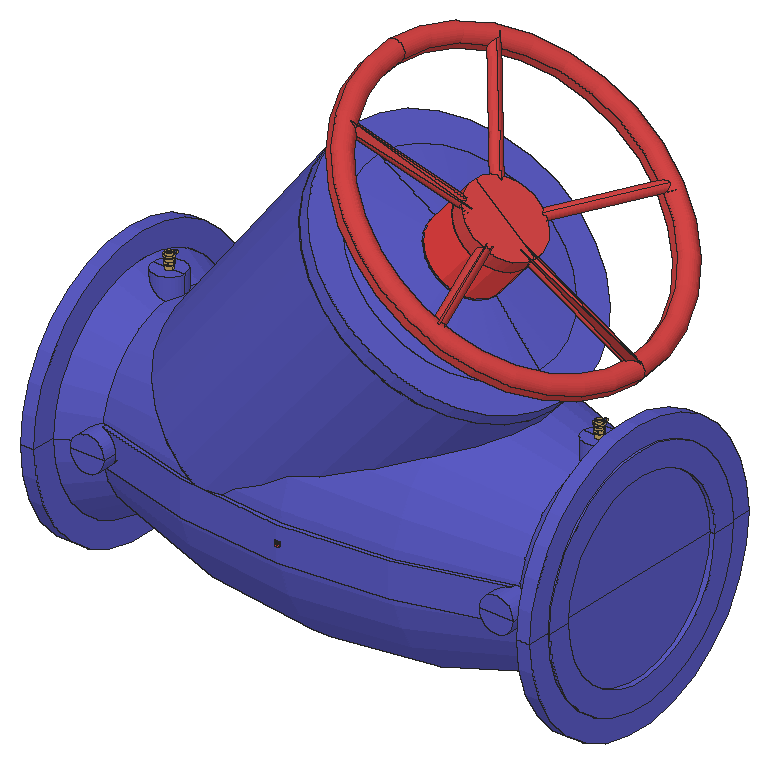
Revit family "HERZ Strömax Балансировочный клапан с измерительными клапанами, шпиндель наклонный 4220 GF PN25", category Rohrzubehör, Revit 2019
Family settings
  Bemaßung runder Anschluss = Durchmesser verwenden
  Teiletyp = Unterbricht
  OmniClass-Nummer = 23.65.55.14
  OmniClass-Titel = Valves for Liquid Services
  Arbeitsebenenbasiert = Nein
  Immer vertikal = Ja
  Beim Laden mit Abzugskörper schneiden = Nein
  Gemeinsam genutzt = Nein
Parameters
  Шпиндель = "нержавеющая сталь"  # constant formula
  Среда = "Допускается использование этилен- и пропиленгликоля в концентрации смеси 25-50% объема.\r\nКачество теплоносителя согласно ÖNORM H 5195 и VDI 2035."
  Область применения = "Для гидравлической балансировки в системах отопления или охлаждения, регулирования и перекрытия трубопроводов, стояков, теплообменников, тепловых и холодильных регистров."
  Номер заказа [instance] = size_lookup("4220_GF_25_", "Artnr", 0, Nennweite)  # 1422089
  Мин. рабочая температура = -10 °C  # constant formula
  Макс. рабочее давление = 2500000.0 Pa  # constant formula
  Макс. рабочая температура = 110 °C  # constant formula
  Корпус = "чугун с шаровидным графитом EN-GJS-400-15"  # constant formula
  Исполнение = "Балансировочный клапан STRÖMAX-GF с измерительными клапанами, DN 350-500, корпус из чугуна с шаровидным графитом GJS 400-15 в соответствии с EN 1561, фланцы в соответствии с EN 1092, PN 16 или PN 25, покрыт синей эмалью.\r\nБукса из чугуна с шаровидным графитом GJS 400-15, с неподнимающимся шпинделем, уплотнение шпинделя с посощью тройных кольцевых уплотнений.\r\nЦифровой лимб указателя настройки."
  Измерение перепада давления = "Балансировочный клапан STRÖMAX GF оборудован двумя измерительными клапанами:\r\nпри использовании соответствующего измерительного прибора можно измерить перепад давления и благодаря этому можно соответственно определить расход."
  Букса = "чугун с шаровидным графитом EN-GJS-400-15"  # constant formula
  Счетное устройство = "пластмасса"  # constant formula
  kvs-значения [instance] = if(Nennweite = 350.00 mm, 2917.6, if(Nennweite = 400.00 mm, 3854.8, if(Nennweite = 500.00 mm, 5250.6, 0)))  # 2917.6
  W02 = 60.00°  # constant formula
  W01 = 50.00°  # constant formula
  Кегель клапана = "чугун с шаровидным графитом EN-GJS-400-15 согласно EN 1561 / EPDM с покрытием"  # constant formula
  S01 [instance] = Nennweite + 10.00 mm  # 360.00 mm
  Регулирующий шпиндель = "нержавеющая сталь"  # constant formula
  O-Ring = "EPDM"  # constant formula
  L04 [instance] = size_lookup("4220_GF_25_", "L4", 1.00 mm, Nennweite)  # 209.00 mm
  H11 = 85.00 mm  # constant formula
  H10 [instance] = H07 + H03  # 569.50 mm
  H08 = 47.00 mm  # constant formula
  H07 = 50.00 mm  # constant formula
  H06 = 27.00 mm  # constant formula
  H05 [instance] = H04 + 25.00 mm  # 495.00 mm
  H04 [instance] = size_lookup("4220_GF_25_", "H4", 1.00 mm, Nennweite)  # 470.00 mm
  H03 [instance] = size_lookup("4220_GF_25_", "H3", 1.00 mm, Nennweite)  # 519.50 mm
  Вес [instance] = if(Nennweite = 350.00 mm, "560.0 kg", if(Nennweite = 400.00 mm, "611.0 kg", if(Nennweite = 500.00 mm, "1109.0 kg", "0")))  # "560.0 kg"
  URL = "www.herz-armaturen.ru"
  SCRNSEQ = "ARM;ARM_TYP=\"STRV\";2"
  SCRNCODE = "05;07;02"  # constant formula
  R02 [instance] = size_lookup("4220_GF_25_", "R2", 1.00 mm, Nennweite)  # 30.00 mm
  R01 [instance] = size_lookup("4220_GF_25_", "R1", 1.00 mm, Nennweite)  # 32.50 mm
  Nennweite [instance] = 350.00 mm
  L03 [instance] = size_lookup("4220_GF_25_", "L3", 1.00 mm, Nennweite)  # 410.00 mm
  L02 [instance] = size_lookup("4220_GF_25_", "L2", 1.00 mm, Nennweite)  # 390.00 mm
  L01 [instance] = size_lookup("4220_GF_25_", "L1", 1.00 mm, Nennweite)  # 397.50 mm
  L00 [instance] = size_lookup("4220_GF_25_", "L", 1.00 mm, Nennweite)  # 980.00 mm
  Hersteller = "HERZ Armaturen Ges.m.b.H."  # constant formula
  H09 [instance] = H03  # 519.50 mm
  H02 [instance] = size_lookup("4220_GF_25_", "H2", 1.00 mm, Nennweite)  # 215.00 mm
  H01 [instance] = size_lookup("4220_GF_25_", "H1", 1.00 mm, Nennweite)  # 220.00 mm
  GT = 10.00 mm  # constant formula
  FLL02 [instance] = size_lookup("4220_GF_25_", "FLL2", 1.00 mm, Nennweite)  # 26.00 mm
  FLL01 [instance] = size_lookup("4220_GF_25_", "FLL1", 1.00 mm, Nennweite)  # 4.00 mm
  FLD03 [instance] = size_lookup("4220_GF_25_", "FLD3", 1.00 mm, Nennweite)  # 177.80 mm
  FLD02 [instance] = size_lookup("4220_GF_25_", "FLD2", 1.00 mm, Nennweite)  # 214.00 mm
  FLD01 [instance] = size_lookup("4220_GF_25_", "FLD1", 1.00 mm, Nennweite)  # 219.00 mm
  FLD00 [instance] = size_lookup("4220_GF_25_", "FLD", 1.00 mm, Nennweite)  # 260.00 mm
  DN500 [instance] = Nennweite = 500.00 mm  # no
  DN400 [instance] = Nennweite = 400.00 mm  # no
  DN350 [instance] = Nennweite = 350.00 mm  # yes
  D05 = 75.00 mm  # constant formula
  D04 [instance] = size_lookup("4220_GF_25_", "D4", 1.00 mm, Nennweite)  # 58.00 mm
  D03 [instance] = size_lookup("4220_GF_25_", "D3", 1.00 mm, Nennweite)  # 240.00 mm
  D02 [instance] = D03 - 20.00 mm  # 220.00 mm
  D01 [instance] = size_lookup("4220_GF_25_", "D1", 1.00 mm, Nennweite)  # 260.00 mm
  D00 [instance] = size_lookup("4220_GF_25_", "D", 1.00 mm, Nennweite)  # 250.00 mm
  BH02 [instance] = -BH01  # -32.50 mm
  BH01 [instance] = size_lookup("4220_GF_25_", "BH1", 1.00 mm, Nennweite)  # 32.50 mm
  Anschluss [instance] = Nennweite / 2  # 175.00 mm
Reference planes
  plane 1 "Mitte (Vorne/hinten)": y = 0
  plane 2: z = 0
  plane 3 "Mitte (Links/rechts)": x = 0
Forms (mm)
  Revolve 1, solid, material "Herz-Marineblau", detail levels fine
    sketch origin (1058.943, 0, 0) x (1, 0, 0) y (0, 1, 0)
      loop
        line (-1544.943, 260) -> (-1544.943, 219) -> (-1548.943, 219) -> (-1548.943, 175) -> (-1538.943, 175) -> (-1538.943, 0) -> (-578.943, 0) -> (-578.943, 175) -> (-568.943, 175) -> (-568.943, 219) -> (-572.943, 219) -> (-572.943, 260) -> (-598.943, 260) -> (-598.943, 214) -> (-661.443, 177.8)
        arc (-661.443, 177.8) -> (-1058.943, 250) -> (-1456.443, 177.8) r 1130.326
        line (-1456.443, 177.8) -> (-1518.943, 214) -> (-1518.943, 260) -> (-1544.943, 260)
      axis (-1548.943, 0) -> (-568.943, 0)
    angle from 0 to 360
  Revolve 2, solid, material "Herz-Marineblau", detail levels fine
    sketch origin (0, 0, 0) x (1, 0, 0) y (0, 1, 0)
      loop
        line (-390, 220) -> (-422.5, 220) -> (-422.5, -220) -> (-390, -220) -> (-390, 220)
      axis (-390, 220) -> (-390, -220)
    angle from 0 to 360
  Revolve 3, solid, material "Herz-Marineblau", detail levels fine
    sketch origin (0, 0, 0) x (-1, 0, 0) y (0, 1, 0)
      loop
        line (-390, 220) -> (-422.5, 220) -> (-422.5, -220) -> (-390, -220) -> (-390, 220)
      axis (-390, 220) -> (-390, -220)
    angle from 0 to 360
  Revolve 4, solid, material "Herz-Marineblau", detail levels fine
    sketch origin (0, 0, 0) x (1, 0, 0) y (0, 0, 1)
      loop
        line (-410, 0) -> (-410, 215) -> (-440, 215) -> (-440, 0) -> (-410, 0)
      axis (-410, 215) -> (-410, 0)
    angle from 0 to 360
  Revolve 5, solid, material "Herz-Marineblau", detail levels fine
    sketch origin (0, 0, 0) x (-1, 0, 0) y (0, 0, 1)
      loop
        line (-410, 0) -> (-410, 215) -> (-440, 215) -> (-440, 0) -> (-410, 0)
      axis (-410, 215) -> (-410, 0)
    angle from 0 to 360
  Extrusion 6, solid, material "Herz-Marineblau", visible <- "DN500", detail levels fine
    sketch origin (0, 0, 0) x (1, 0, 0) y (0, 1, 0)
      loop
        arc (-475, -263.998) -> (0, -282.994) -> (475, -263.998) r 5948.094
        line (475, -263.998) -> (475, 263.998)
        arc (475, 263.998) -> (0, 282.994) -> (-475, 263.998) r 5948.094
        line (-475, 263.998) -> (-475, -263.998)
    from -32.5 <- "BH02" to 32.5 <- "BH01"
  Extrusion 7, solid, material "Herz-Marineblau", visible <- "DN400", detail levels fine
    sketch origin (0, 0, 0) x (1, 0, 0) y (0, 1, 0)
      loop
        arc (-410, -209.712) -> (0, -223.005) -> (410, -209.712) r 6329.849
        line (410, -209.712) -> (410, 209.712)
        arc (410, 209.712) -> (0, 223.005) -> (-410, 209.712) r 6329.849
        line (-410, 209.712) -> (-410, -209.712)
    from -32.5 <- "BH02" to 32.5 <- "BH01"
  Extrusion 8, solid, material "Herz-Marineblau", visible <- "DN350", detail levels fine
    sketch origin (0, 0, 0) x (1, 0, 0) y (0, 1, 0)
      loop
        arc (-390, -185.916) -> (0, -255.071) -> (390, -185.916) r 1134.286
        line (390, -185.916) -> (390, 185.916)
        arc (390, 185.916) -> (0, 255.071) -> (-390, 185.916) r 1134.286
        line (-390, 185.916) -> (-390, -185.916)
    from -32.5 <- "BH02" to 32.5 <- "BH01"
  Revolve 9, solid, material "Herz-Marineblau", detail levels fine
    sketch origin (0, 0, 0) x (1, 0, 0) y (0, 0, 1)
      loop
        line (-209, 0) -> (124.928, 397.96) -> (-74.243, 565.085) -> (-361.033, 192.188) -> (-361.781, 160.181) -> (-209, 0)
      axis (-209, 0) -> (124.928, 397.96)
    angle from 0 to 360
  Revolve 10, solid, material "Herz-Marineblau", detail levels fine
    sketch origin (0, 0, 0) x (1, 0, 0) y (0, 0, 1)
      loop
        line (124.928, 397.96) -> (157.068, 436.262) -> (99.614, 484.471) -> (97.686, 482.173)
        arc (97.686, 482.173) -> (43.802, 517.303) -> (-12.458, 548.486) r 898.044
        line (-12.458, 548.486) -> (-56.888, 585.768) -> (-74.243, 565.085) -> (124.928, 397.96)
      axis (157.068, 436.262) -> (124.928, 397.96)
    angle from 0 to 360
  Revolve 11, solid, material "Kunsstoff rot", detail levels fine
    sketch origin (0, 0, 0) x (1, 0, 0) y (0, 0, 1)
      loop
        line (157.068, 436.262) -> (211.704, 501.376) -> (154.251, 549.585) -> (99.614, 484.471) -> (157.068, 436.262)
      axis (211.704, 501.376) -> (157.068, 436.262)
    angle from 0 to 360
Lines and regions (mm)
  model lines, detail levels coarse+medium
    curve 1: line (-490, 0, 260) -> (-490, 0, -260)
    curve 2: line (-490, 0, -260) -> (490, 0, 260)
    curve 3: line (490, 0, 260) -> (490, 0, -260)
    curve 4: line (490, 0, -260) -> (-490, 0, 260)
    curve 5: line (0, 0, 0) -> (299.933, 0, 519.5)
    curve 6: line (144.049, 0, 609.5) -> (455.818, 0, 429.5)
    curve 7: line (-490, 260, 0) -> (-490, -260, 0)
    curve 8: line (-490, -260, 0) -> (490, 260, 0)
    curve 9: line (490, 260, 0) -> (490, -260, 0)
    curve 10: line (490, -260, 0) -> (-490, 260, 0)
    curve 11: line (0, 0, 0) -> (299.933, 519.5, 0)
    curve 12: line (144.049, 609.5, 0) -> (455.818, 429.5, 0)
Dimensions and locks
  "FLD00": plane 1 "Mitte (Vorne/hinten)" to Revolve 1 sketch curve
  "FLD01": plane 1 "Mitte (Vorne/hinten)" to Revolve 1 sketch curve
  "FLD02": plane 1 "Mitte (Vorne/hinten)" to Revolve 1 sketch curve  (x2)
  "FLD03": plane 1 "Mitte (Vorne/hinten)" to Revolve 1 sketch curve  (x2)
  "GT": Revolve 1 sketch curve to Revolve 1 sketch curve  (x2)
  "FLL01": Revolve 1 sketch curve to Revolve 1 sketch curve  (x2)
  "FLL02": Revolve 1 sketch curve to Revolve 1 sketch curve  (x2)
  equal spacing: Revolve 1 sketch curve, plane 3 "Mitte (Links/rechts)", Revolve 1 sketch curve
  "Anschluss": Revolve 1 sketch curve to plane 1 "Mitte (Vorne/hinten)"
  "Anschluss": plane 1 "Mitte (Vorne/hinten)" to Revolve 1 sketch curve
  "FLD01": Revolve 1 sketch curve to plane 1 "Mitte (Vorne/hinten)"
  "FLD00": Revolve 1 sketch curve to plane 1 "Mitte (Vorne/hinten)"
  "L00": Revolve 1 sketch curve to Revolve 1 sketch curve
  "D00": plane 1 "Mitte (Vorne/hinten)" to Revolve 1 sketch curve
  "L01": Revolve 1 sketch curve to plane 3 "Mitte (Links/rechts)" to Revolve 1 sketch curve
  "L02": Revolve 2 sketch curve to plane 3 "Mitte (Links/rechts)"
  "R01": Revolve 2 sketch curve to Revolve 2 sketch curve
  "H01": Revolve 2 sketch curve to plane 1 "Mitte (Vorne/hinten)" to Revolve 2 sketch curve
  "L02": plane 3 "Mitte (Links/rechts)" to Revolve 3 sketch curve
  "R01": Revolve 3 sketch curve to Revolve 3 sketch curve
  "H01": Revolve 3 sketch curve to plane 1 "Mitte (Vorne/hinten)" to Revolve 3 sketch curve
  "L03": plane 3 "Mitte (Links/rechts)" to Revolve 4 sketch curve
  "R02": Revolve 4 sketch curve to Revolve 4 sketch curve
  "H02": Revolve 4 sketch curve to plane 2
  "R02": Revolve 5 sketch curve to Revolve 5 sketch curve
  "L03": Revolve 5 sketch curve to plane 3 "Mitte (Links/rechts)"
  "H02": Revolve 5 sketch curve to plane 2
  "L03": plane 3 "Mitte (Links/rechts)" to nested 1
  "L03": nested 2 to plane 3 "Mitte (Links/rechts)"
  "H02": nested 1 to plane 2
  "H02": nested 2 to plane 2
  "FLD00": curve 4 to plane 2 to curve 2
  "FLD00": curve 3 to plane 2 to curve 4
  equal spacing: curve 1, plane 3 "Mitte (Links/rechts)", curve 3
  "L00": curve 1 to curve 3
  "H09": curve 5 to plane 2
  equal spacing: curve 1, curve 5, curve 3
  equal spacing: curve 6, curve 5, curve 6
  "S01": curve 6 to curve 6
  "FLD00": curve 8 to plane 1 "Mitte (Vorne/hinten)" to curve 10
  "FLD00": curve 10 to plane 1 "Mitte (Vorne/hinten)" to curve 9
  equal spacing: curve 7, plane 3 "Mitte (Links/rechts)", curve 9
  "L00": curve 7 to curve 9
  equal spacing: curve 7, curve 11, curve 9
  "H09": plane 1 "Mitte (Vorne/hinten)" to curve 11
  equal spacing: curve 12, curve 11, curve 12
  "S01": curve 12 to curve 12
  "L04": plane 3 "Mitte (Links/rechts)" to Revolve 9 sketch curve  (x2)
  "H03": Revolve 9 sketch curve to Revolve 9 sketch curve
  "D02": Revolve 9 sketch curve to Revolve 9 sketch curve
  "H05": Revolve 9 sketch curve to Revolve 9 sketch curve
  "H04": Revolve 9 sketch curve to Revolve 9 sketch curve
  "D03": Revolve 9 sketch curve to Revolve 9 sketch curve
  "H03": Revolve 10 sketch curve to Revolve 10 sketch curve
  "D01": Revolve 10 sketch curve to Revolve 10 sketch curve  (x2)
  "D04": Revolve 10 sketch curve to Revolve 10 sketch curve
  "D05": Revolve 10 sketch curve to Revolve 10 sketch curve
  "H06": Revolve 9 to Revolve 10 sketch curve
  "H07": Revolve 9 to Revolve 10 sketch curve
  "H08": Revolve 9 to Revolve 10 sketch curve
  "L04": plane 3 "Mitte (Links/rechts)" to Revolve 10 sketch curve
  "D01": Revolve 9 sketch curve to Revolve 9 sketch curve
  "L04": plane 3 "Mitte (Links/rechts)" to Revolve 11 sketch curve
  "H11": Revolve 10 to Revolve 11 sketch curve
  "D05": Revolve 11 sketch curve to Revolve 11 sketch curve  (x2)
  "H10": Revolve 11 sketch curve to Revolve 11 sketch curve
  "W02": angle plane 2 to curve 5
  "W02": angle plane 1 "Mitte (Vorne/hinten)" to curve 11
  "W01": angle plane 2 to Revolve 9 sketch curve  (x2)
  "W01": angle plane 2 to Revolve 10 sketch curve  (x2)
  "W01": angle plane 2 to Revolve 11 sketch curve  (x2)
  aligned and locked: level to plane 2
Automatic sketch dimensions
  Extrusion 6 sketch curve to plane 3 "Mitte (Links/rechts)" = 0.00 mm  (x2)
  plane 1 "Mitte (Vorne/hinten)" to Extrusion 6 sketch curve = 263.998 mm
  Extrusion 6 sketch curve to plane 3 "Mitte (Links/rechts)" = 475.00 mm
  Extrusion 6 sketch curve to Extrusion 6 sketch curve = 5401.102 mm
  Extrusion 6 sketch curve to plane 1 "Mitte (Vorne/hinten)" = 5665.10 mm
  Extrusion 6 sketch curve to plane 1 "Mitte (Vorne/hinten)" = 263.998 mm  (x2)
  Extrusion 7 sketch curve to plane 3 "Mitte (Links/rechts)" = 0.00 mm  (x2)
  plane 1 "Mitte (Vorne/hinten)" to Extrusion 7 sketch curve = 209.712 mm  (x2)
  Extrusion 7 sketch curve to plane 3 "Mitte (Links/rechts)" = 410.00 mm
  Extrusion 7 sketch curve to Extrusion 7 sketch curve = 5897.131 mm
  Extrusion 7 sketch curve to plane 1 "Mitte (Vorne/hinten)" = 6106.844 mm
  Extrusion 7 sketch curve to plane 1 "Mitte (Vorne/hinten)" = 209.712 mm
  Extrusion 8 sketch curve to plane 3 "Mitte (Links/rechts)" = 0.00 mm  (x2)
  plane 1 "Mitte (Vorne/hinten)" to Extrusion 8 sketch curve = 185.916 mm
  Extrusion 8 sketch curve to plane 3 "Mitte (Links/rechts)" = 390.00 mm
  Extrusion 8 sketch curve to Extrusion 8 sketch curve = 693.298 mm
  Extrusion 8 sketch curve to plane 1 "Mitte (Vorne/hinten)" = 879.214 mm
  Extrusion 8 sketch curve to plane 1 "Mitte (Vorne/hinten)" = 185.916 mm  (x2)
  plane 1 "Mitte (Vorne/hinten)" to Revolve 1 sketch curve = 0.00 mm  (x2)
  Revolve 1 sketch curve to Revolve 1 sketch curve = 35.00 mm
  Revolve 1 sketch curve to Revolve 1 sketch curve = 40.00 mm
  Revolve 2 sketch curve to Revolve 2 sketch curve = 0.00 mm  (x3)
  Revolve 3 sketch curve to Revolve 3 sketch curve = 0.00 mm  (x3)
  Revolve 4 sketch curve to level = 0.00 mm  (x2)
  Revolve 4 sketch curve to Revolve 4 sketch curve = 0.00 mm  (x2)
  Revolve 5 sketch curve to level = 0.00 mm  (x2)
  Revolve 5 sketch curve to Revolve 5 sketch curve = 0.00 mm  (x2)
  Revolve 9 sketch curve to level = 0.00 mm  (x2)
  Revolve 10 sketch curve to level = 0.00 mm
  Revolve 10 sketch curve to level = 252.062 mm
  Revolve 11 sketch curve to level = 0.00 mm
Nested families
  nested 1: "Messstutzen_Band_Eintritt_senkrecht_(oben)" at (-410, 0, 206), type "Messstutzen_Band_Eintritt_senkrecht_(oben)", detail levels fine
    with Schutzkappe yes, Nennweite 0.00 mm, Gewicht 0.00 kg, Bestellnummer 0
  nested 2: "Messstutzen_Band_Austritt_senkrecht_(oben)" at (410, 0, 206), type "Messstutzen_Band_Austritt_senkrecht_(oben)", detail levels fine
    with Schutzkappe yes, Nennweite 0.00 mm, Gewicht 0.00 kg, Bestellnummer 0
  nested 3: "Herz-Logo-vorne" at (0, -282.994, 0) x (0, 1, 0) z (0, 0, 1), visible <- "DN500", type "Herz-Logo-vorne", detail levels fine
  nested 4: "Herz-Logo-vorne" at (0, -221.503, 0) x (0, 1, 0) z (0, 0, 1), visible <- "DN400", type "Herz-Logo-vorne", detail levels fine
  nested 5: "Herz-Logo-vorne" at (0, -255.053, 0) x (0, 1, 0) z (0, 0, 1), visible <- "DN350", type "Herz-Logo-vorne", detail levels fine
  nested 6: "Strangregulierventil-Handrad_VOLL-Schräg (Rot) DN350-DN400" at (211.704, 0, 501.376), visible <- "DN350", type "Strangregulierventil-Handrad_VOLL-Schräg (Rot) DN350-DN400"
    with DN300 yes
  nested 7: "Strangregulierventil-Handrad_VOLL-Schräg (Rot) DN350-DN400" at (230.272, 0, 547.339), visible <- "DN400", type "Strangregulierventil-Handrad_VOLL-Schräg (Rot) DN350-DN400"
    with DN300 yes
  nested 8: "Strangregulierventil-Handrad_VOLL-Schräg (Rot) DN500" at (262.637, 0, 616.896), visible <- "DN500", type "Strangregulierventil-Handrad_VOLL-Schräg (Rot) DN500", detail levels fine
    with DN300 yes
Connectors
  piping at (-490, 0, 0), diameter 350, driven by "Nennweite"
    settings: on Revolve 1, index 1, connector inside diameter 609.6 mm, connector length 0.00 mm, flow factor 0, pipe flow 0.0 L/s, pressure drop 0.0 Pa, fitting loss kfactor 0, connector angle 0.00°, fixture units 0, engagement length 0.00 mm, angle of deflection 0.00°, flow configuration 0, flow direction 1, fitting loss method 0, system type 29, joint type 0, gender type 0, connector reference index -1, connector utility 0, adjustable connector no, is connector primary yes, connector description ""
  piping at (490, 0, 0), diameter 350, driven by "Nennweite"
    settings: on Revolve 1, index 2, connector inside diameter 609.6 mm, connector length 0.00 mm, flow factor 0, pipe flow 0.0 L/s, pressure drop 0.0 Pa, fitting loss kfactor 0, connector angle 0.00°, fixture units 0, engagement length 0.00 mm, angle of deflection 0.00°, flow configuration 0, flow direction 2, fitting loss method 0, system type 29, joint type 0, gender type 0, connector reference index -1, connector utility 0, adjustable connector no, is connector primary no, connector description ""
Definition of nested family "Messstutzen_Band_Eintritt_senkrecht_(oben)"
  Parameters (values of type "Messstutzen_Band_Eintritt_senkrecht_(oben)")
    URL = "www.herz-armaturen.at"
    Schutzkappe [instance] = yes
    Nennweite [instance] = 0.00 mm
    Manufacturer = "Herz Armaturen GmbH"  # constant formula
    Gewicht [instance] = 0.00 kg
    Bestellnummer [instance] = 0
  Reference planes
    plane 1 "Mitte (Vorne/hinten)": y = 0
    plane 2: z = 0
    plane 3 "Mitte (Links/rechts)": x = 0
    plane 4 "Schlaufe 1": z = -27
    plane 5 "Schlaufe 2": z = -31.678
  Forms (mm)
    Revolve 1, solid, detail levels fine
      sketch origin (0, 0, 0) x (1, 0, 0) y (0, 0, 1)
        loop
          line (-7.4, 9) -> (-5.55, 9) -> (-5.55, 6)
          arc (-5.55, 6) -> (-5.626, 5.617) -> (-5.843, 5.293) r 1
          line (-5.843, 5.293) -> (-6.455, 4.681) -> (-6.455, 0.9) -> (-5.555, 0) -> (-2, 0) -> (-2, 17.5) -> (-8.4, 17.5)
          arc (-8.4, 17.5) -> (-7.693, 17.207) -> (-7.4, 16.5) r 1
          line (-7.4, 16.5) -> (-7.4, 9)
        loop
          line (-3.7, 27) -> (-7.3, 27) -> (-7.9, 26.4) -> (-7.9, 23) -> (-2, 23) -> (-2, 35.8) -> (-3.805, 35.8) -> (-4.415, 35.19) -> (-4.415, 30.863) -> (-3.7, 30.45) -> (-3.7, 27)
        axis (0, 0) -> (0, 35.8)
      angle from 0 to 360
    Extrusion 2, solid, detail levels fine
      sketch origin (0, 0, 17.5) x (0, 1, 0) y (-1, 0, 0)
        loop
          arc (-7.07, 5.156) -> (-7.578, 4.375) -> (-8, 3.544) r 8.75
          line (-8, 3.544) -> (-8, -3.544)
          arc (-8, -3.544) -> (-7.578, -4.375) -> (-7.07, -5.156) r 8.75
          line (-7.07, -5.156) -> (-0.93, -8.7)
          arc (-0.93, -8.7) -> (0, -8.75) -> (0.93, -8.7) r 8.75
          line (0.93, -8.7) -> (7.07, -5.156)
          arc (7.07, -5.156) -> (7.578, -4.375) -> (8, -3.544) r 8.75
          line (8, -3.544) -> (8, 3.544)
          arc (8, 3.544) -> (7.578, 4.375) -> (7.07, 5.156) r 8.75
          line (7.07, 5.156) -> (0.93, 8.7)
          arc (0.93, 8.7) -> (0, 8.75) -> (-0.93, 8.7) r 8.75
          line (-0.93, 8.7) -> (-7.07, 5.156)
      from 0 to 5.5
    Revolve 3, solid, visible <- "Schutzkappe", detail levels fine
      sketch origin (0, 0, 0) x (1, 0, 0) y (0, 0, 1)
        loop
          line (0, 35.878) -> (0, 36.678) -> (-7, 36.678) -> (-7, 33.378) -> (-6.1, 33.378) -> (-6.1, 31.678) -> (-6.9, 31.678) -> (-6.9, 30.178) -> (-4.415, 30.178) -> (-4.415, 35.268) -> (-3.805, 35.878) -> (0, 35.878)
        axis (0, 30.178) -> (0, 36.678)
      angle from 0 to 360
    Extrusion 4, solid, detail levels fine
      sketch origin (0, 0, 28.5) x (1, 0, 0) y (0, 1, 0)
        loop
          circle (0, 0) r 3.7
        loop
          arc (-3.906, 5.505) -> (0, -6.75) -> (3.906, 5.505) r 6.75
          arc (3.906, 5.505) -> (2.358, 7.288) -> (1.8, 9.582) r 5
          line (1.8, 9.582) -> (-1.8, 9.582)
          arc (-1.8, 9.582) -> (-2.358, 7.288) -> (-3.906, 5.505) r 5
      from 0 to -1.5
    Extrusion 5, solid, detail levels fine
      sketch origin (0, 0, 33.178) x (1, 0, 0) y (0, 1, 0)
        loop
          circle (0, 0) r 6.1
        loop
          arc (-4.495, 8.652) -> (0, -9.75) -> (4.495, 8.652) r 9.75
          arc (4.495, 8.652) -> (2.527, 10.493) -> (1.8, 13.089) r 5
          line (1.8, 13.089) -> (-1.8, 13.089)
          arc (-1.8, 13.089) -> (-2.527, 10.493) -> (-4.495, 8.652) r 5
      from 0 to -1.5
    Sweep 6, solid, detail levels fine
      path origin (0, 0, 0) x (0, 0, -1) y (0, -1, 0)
        loop
          line (-27.75, -9.582) -> (-27.75, -14.522)
          arc (-27.75, -14.522) -> (-30.089, -16.862) -> (-32.428, -14.522) r 2.339
          line (-32.428, -14.522) -> (-32.428, -13.089)
      profile origin (0, 12.052, 27.75) x (0, 0, 1) y (1, 0, 0)
        loop
          line (-0.75, -1.8) -> (0.75, -1.8) -> (0.75, 1.8) -> (-0.75, 1.8) -> (-0.75, -1.8)
  Dimensions and locks
    aligned and locked: level to plane 2
Definition of nested family "Messstutzen_Band_Austritt_senkrecht_(oben)"
  Parameters (values of type "Messstutzen_Band_Austritt_senkrecht_(oben)")
    URL = "www.herz-armaturen.at"
    Schutzkappe [instance] = yes
    Nennweite [instance] = 0.00 mm
    Manufacturer = "Herz Armaturen GmbH"  # constant formula
    Gewicht [instance] = 0.00 kg
    Bestellnummer [instance] = 0
  Reference planes
    plane 1 "Mitte (Vorne/hinten)": y = 0
    plane 2: z = 0
    plane 3 "Mitte (Links/rechts)": x = 0
    plane 4 "Schlaufe 1": z = -27
    plane 5 "Schlaufe 2": z = -31.678
  Forms (mm)
    Revolve 1, solid, detail levels fine
      sketch origin (0, 0, 0) x (1, 0, 0) y (0, 0, 1)
        loop
          line (-7.4, 9) -> (-5.55, 9) -> (-5.55, 6)
          arc (-5.55, 6) -> (-5.626, 5.617) -> (-5.843, 5.293) r 1
          line (-5.843, 5.293) -> (-6.455, 4.681) -> (-6.455, 0.9) -> (-5.555, 0) -> (-2, 0) -> (-2, 17.5) -> (-8.4, 17.5)
          arc (-8.4, 17.5) -> (-7.693, 17.207) -> (-7.4, 16.5) r 1
          line (-7.4, 16.5) -> (-7.4, 9)
        loop
          line (-3.7, 27) -> (-7.3, 27) -> (-7.9, 26.4) -> (-7.9, 23) -> (-2, 23) -> (-2, 35.8) -> (-3.805, 35.8) -> (-4.415, 35.19) -> (-4.415, 30.863) -> (-3.7, 30.45) -> (-3.7, 27)
        axis (0, 0) -> (0, 35.8)
      angle from 0 to 360
    Extrusion 2, solid, detail levels fine
      sketch origin (0, 0, 17.5) x (0, 1, 0) y (-1, 0, 0)
        loop
          arc (-7.07, 5.156) -> (-7.578, 4.375) -> (-8, 3.544) r 8.75
          line (-8, 3.544) -> (-8, -3.544)
          arc (-8, -3.544) -> (-7.578, -4.375) -> (-7.07, -5.156) r 8.75
          line (-7.07, -5.156) -> (-0.93, -8.7)
          arc (-0.93, -8.7) -> (0, -8.75) -> (0.93, -8.7) r 8.75
          line (0.93, -8.7) -> (7.07, -5.156)
          arc (7.07, -5.156) -> (7.578, -4.375) -> (8, -3.544) r 8.75
          line (8, -3.544) -> (8, 3.544)
          arc (8, 3.544) -> (7.578, 4.375) -> (7.07, 5.156) r 8.75
          line (7.07, 5.156) -> (0.93, 8.7)
          arc (0.93, 8.7) -> (0, 8.75) -> (-0.93, 8.7) r 8.75
          line (-0.93, 8.7) -> (-7.07, 5.156)
      from 0 to 5.5
    Revolve 3, solid, visible <- "Schutzkappe", detail levels fine
      sketch origin (0, 0, 0) x (1, 0, 0) y (0, 0, 1)
        loop
          line (0, 35.878) -> (0, 36.678) -> (-7, 36.678) -> (-7, 33.378) -> (-6.1, 33.378) -> (-6.1, 31.678) -> (-6.9, 31.678) -> (-6.9, 30.178) -> (-4.415, 30.178) -> (-4.415, 35.268) -> (-3.805, 35.878) -> (0, 35.878)
        axis (0, 30.178) -> (0, 36.678)
      angle from 0 to 360
    Extrusion 4, solid, detail levels fine
      sketch origin (0, 0, 28.5) x (1, 0, 0) y (0, 1, 0)
        loop
          circle (0, 0) r 3.7
        loop
          arc (-3.906, 5.505) -> (0, -6.75) -> (3.906, 5.505) r 6.75
          arc (3.906, 5.505) -> (2.358, 7.288) -> (1.8, 9.582) r 5
          line (1.8, 9.582) -> (-1.8, 9.582)
          arc (-1.8, 9.582) -> (-2.358, 7.288) -> (-3.906, 5.505) r 5
      from 0 to -1.5
    Extrusion 5, solid, detail levels fine
      sketch origin (0, 0, 33.178) x (1, 0, 0) y (0, 1, 0)
        loop
          circle (0, 0) r 6.1
        loop
          arc (-4.495, 8.652) -> (0, -9.75) -> (4.495, 8.652) r 9.75
          arc (4.495, 8.652) -> (2.527, 10.493) -> (1.8, 13.089) r 5
          line (1.8, 13.089) -> (-1.8, 13.089)
          arc (-1.8, 13.089) -> (-2.527, 10.493) -> (-4.495, 8.652) r 5
      from 0 to -1.5
    Sweep 6, solid, detail levels fine
      path origin (0, 0, 0) x (0, 0, -1) y (0, -1, 0)
        loop
          line (-27.75, -9.582) -> (-27.75, -14.522)
          arc (-27.75, -14.522) -> (-30.089, -16.862) -> (-32.428, -14.522) r 2.339
          line (-32.428, -14.522) -> (-32.428, -13.089)
      profile origin (0, 12.052, 27.75) x (0, 0, 1) y (1, 0, 0)
        loop
          line (-0.75, -1.8) -> (0.75, -1.8) -> (0.75, 1.8) -> (-0.75, 1.8) -> (-0.75, -1.8)
  Dimensions and locks
    aligned and locked: level to plane 2
Definition of nested family "Herz-Logo-vorne"
  Reference planes
    plane 1 "Mitte (Vorne/hinten)": y = 0
    plane 2: z = 0
    plane 3 "Mitte (Links/rechts)": x = 0
  Forms (mm)
    Extrusion 1, solid
      sketch origin (0.732, -0.018, 0.017) x (0, -1, 0) y (0, 0, 1)
        loop
          line (-0.018, -4.517) -> (4.482, -4.517) -> (4.482, 4.483) -> (-4.518, 4.483) -> (-4.518, -4.517) -> (-0.018, -4.517)
        loop
          line (-0.05, -3.48) -> (3.482, -3.48) -> (3.482, 3.483) -> (-3.518, 3.483) -> (-3.518, -3.48) -> (-0.05, -3.48)
        loop
          arc (-0.018, 2.383) -> (-1.543, 3.287) -> (-3.067, 2.383) r 1.738
          arc (-3.067, 2.383) -> (-3.191, 1.899) -> (-3.067, 1.415) r 1.009
          line (-3.067, 1.415) -> (-0.018, -3.281) -> (3.032, 1.415)
          arc (3.032, 1.415) -> (3.156, 1.899) -> (3.032, 2.383) r 1.009
          arc (3.032, 2.383) -> (1.507, 3.287) -> (-0.018, 2.383) r 1.738
        loop
          arc (1.885, 1.272) -> (2.005, 1.675) -> (1.885, 2.079) r 0.74
          arc (1.885, 2.079) -> (1.265, 2.416) -> (0.644, 2.079) r 0.74
          line (0.644, 2.079) -> (-0.018, 0.97) -> (-0.679, 2.079)
          arc (-0.679, 2.079) -> (-1.3, 2.416) -> (-1.921, 2.079) r 0.74
          arc (-1.921, 2.079) -> (-2.04, 1.675) -> (-1.921, 1.272) r 0.74
          line (-1.921, 1.272) -> (-0.018, -1.658) -> (1.885, 1.272)
      from 0 to 1.5
  Dimensions and locks
    aligned and locked: level to plane 2
Definition of nested family "Strangregulierventil-Handrad_VOLL-Schräg (Rot) DN350-DN400"
  Parameters (values of type "Strangregulierventil-Handrad_VOLL-Schräg (Rot) DN350-DN400")
    DN300 [instance] = yes
  Reference planes
    plane 1 "Mitte (Vorne/hinten)": y = 0
    plane 2: z = 0
    plane 3 "Mitte (Links/rechts)": x = 0
  Forms (mm)
    Revolve 1, solid, detail levels fine
      sketch origin (0, 0, 0) x (0.766044, 0, -0.642788) y (0.642788, 0, 0.766044)
        loop
          line (0, 0) -> (0, 30) -> (-75, 30) -> (-75, 0) -> (0, 0)
        loop
          line (-316.85, 58.85) -> (-316.85, 42.85) -> (-280.85, 42.85) -> (-280.85, 58.85)
          arc (-280.85, 58.85) -> (-298.85, 76.85) -> (-316.85, 58.85) r 18
        axis (0, 58.85) -> (0, 0)
      angle from 0 to 360
    Revolve 2, solid, detail levels fine
      sketch origin (0, 0, 0) x (0.766044, 0, -0.642788) y (0.642788, 0, 0.766044)
        loop
          line (299.245, 74.817) -> (49.107, 26.195) -> (50.831, 16.343) -> (301.153, 65.001) -> (299.245, 74.817)
        axis (50.832, 16.338) -> (301.154, 64.996)
      angle from 0 to 360
    Revolve 3, solid, detail levels fine
      sketch origin (0, 0, 0) x (0.236721, 0.951057, -0.198632) y (0.642788, 0, 0.766044)
        loop
          line (299.245, 74.817) -> (49.107, 26.195) -> (50.831, 16.343) -> (301.153, 65.001) -> (299.245, 74.817)
        axis (50.832, 16.338) -> (301.154, 64.996)
      angle from 0 to 360
    Revolve 4, solid, detail levels fine
      sketch origin (0, 0, 0) x (-0.619743, 0.587785, 0.520026) y (0.642788, 0, 0.766044)
        loop
          line (299.245, 74.817) -> (49.107, 26.195) -> (50.831, 16.343) -> (301.153, 65.001) -> (299.245, 74.817)
        axis (50.832, 16.338) -> (301.154, 64.996)
      angle from 0 to 360
    Revolve 5, solid, detail levels fine
      sketch origin (0, 0, 0) x (-0.619743, -0.587785, 0.520026) y (0.642788, 0, 0.766044)
        loop
          line (299.245, 74.817) -> (49.107, 26.195) -> (50.831, 16.343) -> (301.153, 65.001) -> (299.245, 74.817)
        axis (50.832, 16.338) -> (301.154, 64.996)
      angle from 0 to 360
    Revolve 6, solid, detail levels fine
      sketch origin (0, 0, 0) x (0.236721, -0.951057, -0.198632) y (0.642788, 0, 0.766044)
        loop
          line (299.245, 74.817) -> (49.107, 26.195) -> (50.831, 16.343) -> (301.153, 65.001) -> (299.245, 74.817)
        axis (50.832, 16.338) -> (301.154, 64.996)
      angle from 0 to 360
  Dimensions and locks
    Revolve 1 sketch curve to plane 2 = 255.179 mm
    Revolve 1 sketch curve to Revolve 1 sketch curve = 30.00 mm
    aligned and locked: level to plane 2
Definition of nested family "Strangregulierventil-Handrad_VOLL-Schräg (Rot) DN500"
  Parameters (values of type "Strangregulierventil-Handrad_VOLL-Schräg (Rot) DN500")
    DN300 [instance] = yes
  Reference planes
    plane 1 "Mitte (Vorne/hinten)": y = 0
    plane 2: z = 0
    plane 3 "Mitte (Links/rechts)": x = 0
  Forms (mm)
    Revolve 1, solid, detail levels fine
      sketch origin (0, 0, 0) x (0.766044, 0, -0.642788) y (0.642788, 0, 0.766044)
        loop
          line (0, 0) -> (0, 30) -> (-75, 30) -> (-75, 0) -> (0, 0)
        loop
          circle (-400, 94.75) r 16.85
        axis (0, 94.75) -> (0, 0)
      angle from 0 to 360
    Revolve 2, solid, detail levels fine
      sketch origin (0, 0, 0) x (0.766044, 0, -0.642788) y (0.642788, 0, 0.766044)
        loop
          line (400.44, 94.852) -> (397.067, 109.46) -> (48.97, 25.68) -> (51.251, 14.235) -> (400.44, 94.852)
        axis (51.251, 14.235) -> (400.44, 94.852)
      angle from 0 to 360
    Revolve 3, solid, detail levels fine
      sketch origin (0, 0, 0) x (0.383022, 0.866025, -0.321394) y (0.642788, 0, 0.766044)
        loop
          line (400.44, 94.852) -> (397.067, 109.46) -> (48.97, 25.68) -> (51.251, 14.235) -> (400.44, 94.852)
        axis (51.251, 14.235) -> (400.44, 94.852)
      angle from 0 to 360
    Revolve 4, solid, detail levels fine
      sketch origin (0, 0, 0) x (-0.383022, 0.866025, 0.321394) y (0.642788, 0, 0.766044)
        loop
          line (400.44, 94.852) -> (397.067, 109.46) -> (48.97, 25.68) -> (51.251, 14.235) -> (400.44, 94.852)
        axis (51.251, 14.235) -> (400.44, 94.852)
      angle from 0 to 360
    Revolve 5, solid, detail levels fine
      sketch origin (0, 0, 0) x (-0.766044, 0, 0.642788) y (0.642788, 0, 0.766044)
        loop
          line (400.44, 94.852) -> (397.067, 109.46) -> (48.97, 25.68) -> (51.251, 14.235) -> (400.44, 94.852)
        axis (51.251, 14.235) -> (400.44, 94.852)
      angle from 0 to 360
    Revolve 6, solid, detail levels fine
      sketch origin (0, 0, 0) x (-0.383022, -0.866025, 0.321394) y (0.642788, 0, 0.766044)
        loop
          line (400.44, 94.852) -> (397.067, 109.46) -> (48.97, 25.68) -> (51.251, 14.235) -> (400.44, 94.852)
        axis (51.251, 14.235) -> (400.44, 94.852)
      angle from 0 to 360
    Revolve 7, solid, detail levels fine
      sketch origin (0, 0, 0) x (0.383022, -0.866025, -0.321394) y (0.642788, 0, 0.766044)
        loop
          line (400.44, 94.852) -> (397.067, 109.46) -> (48.97, 25.68) -> (51.251, 14.235) -> (400.44, 94.852)
        axis (51.251, 14.235) -> (400.44, 94.852)
      angle from 0 to 360
  Dimensions and locks
    Revolve 1 sketch curve to Revolve 1 sketch curve = 30.00 mm
    Revolve 1 sketch curve to Revolve 1 sketch curve = 416.85 mm
    Revolve 1 sketch curve to level = 346.548 mm
    Revolve 1 sketch curve to Revolve 1 sketch curve = 75.00 mm
    aligned and locked: level to plane 2
